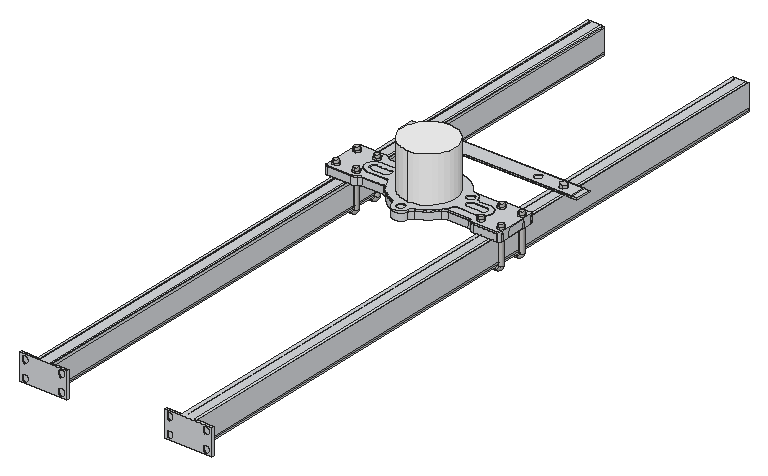
Revit family "Plate_System_Water_Coolers-Zurn_Z1218", category Plumbing Fixtures, host Face, Revit 2022 (continued)
Definition of nested family "Z1218"
  Automatic sketch dimensions
    profile plane to Sweep 11 sketch curve = 0.34569"
    Sweep 11 sketch curve to Sweep 11 sketch curve = 0.29938"  (x2)
    Sweep 11 sketch curve to profile plane = 0.34569"
    profile plane to Sweep 11 sketch curve = 0.17285"  (x2)
    Sweep 11 sketch curve to profile plane = 0.17285"  (x2)
    plane 5 to Sweep 12 sketch curve = 0.96875"
    Sweep 12 sketch curve to profile plane = 0.000"
    profile plane to Sweep 12 sketch curve = 0.34569"
    Sweep 12 sketch curve to Sweep 12 sketch curve = 0.29938"  (x2)
    Sweep 12 sketch curve to profile plane = 0.34569"
    profile plane to Sweep 12 sketch curve = 0.17285"  (x2)
    Sweep 12 sketch curve to profile plane = 0.17285"  (x2)
    plane 11 to Sweep 13 sketch curve = 0.0053"
    Sweep 13 sketch curve to profile plane = 0.000"
    Sweep 13 sketch curve to profile plane = 0.34569"
    Sweep 13 sketch curve to Sweep 13 sketch curve = 0.29938"  (x2)
    profile plane to Sweep 13 sketch curve = 0.34569"
    profile plane to Sweep 13 sketch curve = 0.17285"  (x2)
    Sweep 13 sketch curve to profile plane = 0.17285"  (x2)
    Sweep 14 sketch curve to plane 4 = 0.96875"
    Sweep 14 sketch curve to profile plane = 0.000"
    profile plane to Sweep 14 sketch curve = 0.34569"
    Sweep 14 sketch curve to Sweep 14 sketch curve = 0.29938"  (x2)
    Sweep 14 sketch curve to profile plane = 0.34569"
    profile plane to Sweep 14 sketch curve = 0.17285"  (x2)
    Sweep 14 sketch curve to profile plane = 0.17285"  (x2)
    Sweep 15 sketch curve to plane 4 = 0.96875"
    Sweep 15 sketch curve to profile plane = 0.000"
    Sweep 15 sketch curve to profile plane = 0.34569"
    Sweep 15 sketch curve to Sweep 15 sketch curve = 0.29938"  (x2)
    profile plane to Sweep 15 sketch curve = 0.34569"
    profile plane to Sweep 15 sketch curve = 0.17285"  (x2)
    Sweep 15 sketch curve to profile plane = 0.17285"  (x2)
    plane 4 to Sweep 16 sketch curve = 0.96875"
    Sweep 16 sketch curve to profile plane = 0.000"
    Sweep 16 sketch curve to profile plane = 0.34569"
    Sweep 16 sketch curve to Sweep 16 sketch curve = 0.29938"  (x2)
    profile plane to Sweep 16 sketch curve = 0.34569"
    profile plane to Sweep 16 sketch curve = 0.17285"  (x2)
    Sweep 16 sketch curve to profile plane = 0.17285"  (x2)
    Sweep 17 sketch curve to plane 4 = 0.96875"
    Sweep 17 sketch curve to profile plane = 0.000"
    profile plane to Sweep 17 sketch curve = 0.34569"
    Sweep 17 sketch curve to Sweep 17 sketch curve = 0.29938"  (x2)
    Sweep 17 sketch curve to profile plane = 0.34569"
    profile plane to Sweep 17 sketch curve = 0.17285"  (x2)
    Sweep 17 sketch curve to profile plane = 0.17285"  (x2)
    Sweep 19 sketch curve to plane 3 "Center (Left/Right)" = 0.000"
    Sweep 20 sketch curve to plane 5 = 0.000"
    profile plane to Sweep 20 sketch curve = 2.250"
    Sweep 20 sketch curve to profile plane = 2.250"
    Sweep 21 sketch curve to plane 4 = 0.000"
    profile plane to Sweep 21 sketch curve = 2.250"
    Sweep 21 sketch curve to profile plane = 2.250"
    Sweep 23 sketch curve to plane 4 = 0.000"
    Sweep 24 sketch curve to plane 3 "Center (Left/Right)" = 0.000"
    Sweep 24 sketch curve to Sweep 24 sketch curve = 0.000"  (x9)
    Sweep 24 sketch curve to Sweep 24 sketch curve = 0.09595"
    Sweep 24 sketch curve to Sweep 24 sketch curve = 0.1261"
    Sweep 24 sketch curve to profile plane = 1.0127"  (x2)
    Sweep 24 sketch curve to Sweep 24 sketch curve = 0.17731"
    Sweep 24 sketch curve to Sweep 24 sketch curve = 0.22851"
    Sweep 24 sketch curve to Sweep 24 sketch curve = 0.250"  (x4)
    Sweep 24 sketch curve to Sweep 24 sketch curve = 0.47034"  (x2)
    Sweep 24 sketch curve to Sweep 24 sketch curve = 0.52155"  (x2)
    Sweep 24 sketch curve to Sweep 24 sketch curve = 0.56668"
    Sweep 24 sketch curve to Sweep 24 sketch curve = 0.62082"
    Sweep 24 sketch curve to Sweep 24 sketch curve = 0.07352"
    Sweep 24 sketch curve to Sweep 24 sketch curve = 0.66788"
    Sweep 24 sketch curve to Sweep 24 sketch curve = 0.62231"
    Sweep 24 sketch curve to Sweep 24 sketch curve = 0.27172"
    Sweep 24 sketch curve to Sweep 24 sketch curve = 0.31729"
    Sweep 24 sketch curve to Sweep 24 sketch curve = 0.4402"
    Sweep 24 sketch curve to Sweep 24 sketch curve = 0.57276"
    Sweep 24 sketch curve to Sweep 24 sketch curve = 0.17187"
    Sweep 24 sketch curve to Sweep 24 sketch curve = 0.19137"
    profile plane to Sweep 24 sketch curve = 0.82192"
    Sweep 24 sketch curve to Sweep 24 sketch curve = 1.27036"
    profile plane to Sweep 24 sketch curve = 2.10324"
    Sweep 24 sketch curve to Sweep 24 sketch curve = 1.23533"
    Sweep 24 sketch curve to Sweep 24 sketch curve = 3.07279"
    Sweep 24 sketch curve to Sweep 24 sketch curve = 1.84843"
    Sweep 24 sketch curve to Sweep 24 sketch curve = 2.01985"  (x2)
    Sweep 24 sketch curve to Sweep 24 sketch curve = 0.77167"
    Sweep 24 sketch curve to Sweep 24 sketch curve = 0.8217"
    Sweep 24 sketch curve to Sweep 24 sketch curve = 2.27663"
    Sweep 24 sketch curve to Sweep 24 sketch curve = 1.94411"  (x2)
    Sweep 24 sketch curve to Sweep 24 sketch curve = 0.83861"
    Sweep 24 sketch curve to Sweep 24 sketch curve = 0.8456"
    Sweep 24 sketch curve to Sweep 24 sketch curve = 2.2027"
    plane 5 to Sweep 25 sketch curve = 0.20084"
    Sweep 25 sketch curve to profile plane = 0.54654"
    Sweep 25 sketch curve to Sweep 25 sketch curve = 0.29938"  (x2)
    profile plane to Sweep 25 sketch curve = 0.14485"
    Sweep 25 sketch curve to profile plane = 0.028"  (x2)
    Sweep 25 sketch curve to Sweep 25 sketch curve = 0.17285"
    Sweep 25 sketch curve to Sweep 25 sketch curve = 0.34569"
    Sweep 26 sketch curve to plane 5 = 0.125"
    Sweep 27 sketch curve to plane 4 = 0.20084"
    Sweep 27 sketch curve to plane 6 = 0.68985"
    Sweep 27 sketch curve to Sweep 27 sketch curve = 0.29938"  (x2)
    plane 11 to Sweep 28 sketch curve = 2.0937"
    profile plane to Sweep 28 sketch curve = 4.35305"
    Sweep 28 sketch curve to profile plane = 12.12546"
    plane 12 to Sweep 29 sketch curve = 1.05176"
    Sweep 30 sketch curve to plane 3 "Center (Left/Right)" = 0.35324"
    Sweep 30 sketch curve to Sweep 30 sketch curve = 0.000"  (x13)
    profile plane to Sweep 30 sketch curve = 3.48701"
    Sweep 30 sketch curve to Sweep 30 sketch curve = 0.03048"
    Sweep 30 sketch curve to Sweep 30 sketch curve = 1.08016"
    Sweep 30 sketch curve to Sweep 30 sketch curve = 0.13586"
    Sweep 30 sketch curve to Sweep 30 sketch curve = 0.60754"
    Sweep 30 sketch curve to Sweep 30 sketch curve = 0.81586"
    Sweep 30 sketch curve to Sweep 30 sketch curve = 0.19457"
    Sweep 30 sketch curve to profile plane = 0.46867"
    Sweep 30 sketch curve to Sweep 30 sketch curve = 1.27036"
    Sweep 30 sketch curve to Sweep 30 sketch curve = 0.01629"
    Sweep 30 sketch curve to Sweep 30 sketch curve = 1.23533"
    Sweep 30 sketch curve to Sweep 30 sketch curve = 3.07279"
    Sweep 30 sketch curve to Sweep 30 sketch curve = 0.23772"
    Sweep 30 sketch curve to Sweep 30 sketch curve = 0.07217"
    Sweep 30 sketch curve to Sweep 30 sketch curve = 0.60783"
    Sweep 30 sketch curve to Sweep 30 sketch curve = 0.11136"
    Sweep 30 sketch curve to Sweep 30 sketch curve = 1.2465"
    Sweep 30 sketch curve to Sweep 30 sketch curve = 0.00712"
    Sweep 30 sketch curve to Sweep 30 sketch curve = 0.02525"
    Sweep 30 sketch curve to Sweep 30 sketch curve = 0.03682"
    Sweep 30 sketch curve to Sweep 30 sketch curve = 0.01156"
    Sweep 30 sketch curve to Sweep 30 sketch curve = 0.03501"
    Sweep 30 sketch curve to Sweep 30 sketch curve = 0.250"
    Sweep 30 sketch curve to Sweep 30 sketch curve = 0.32003"
    Sweep 30 sketch curve to Sweep 30 sketch curve = 1.17876"
    Sweep 30 sketch curve to Sweep 30 sketch curve = 1.30668"
    Sweep 30 sketch curve to Sweep 30 sketch curve = 0.45677"  (x2)
    Sweep 30 sketch curve to Sweep 30 sketch curve = 0.3886"
    Sweep 30 sketch curve to Sweep 30 sketch curve = 0.00269"
    Sweep 30 sketch curve to Sweep 30 sketch curve = 0.03359"
    Sweep 30 sketch curve to Sweep 30 sketch curve = 0.30786"
    Sweep 30 sketch curve to Sweep 30 sketch curve = 0.30827"
    Sweep 30 sketch curve to Sweep 30 sketch curve = 0.14062"
    Sweep 30 sketch curve to Sweep 30 sketch curve = 0.16012"
    Sweep 30 sketch curve to Sweep 30 sketch curve = 0.43009"
    Sweep 31 sketch curve to plane 12 = 0.40026"
    profile plane to Sweep 31 sketch curve = 8.77492"
    Sweep 31 sketch curve to profile plane = 7.97439"
    profile plane to Sweep 29 sketch curve = 6.56249"
    plane 1 "Center (Front/Back)" to Sweep 18 sketch curve = 0.000"
    profile plane to Sweep 18 sketch curve = 11.3129"
    Sweep 18 sketch curve to Sweep 18 sketch curve = 4.500"
    curve 2 to curve 2 = 0.3136"
    curve 2 to plane 6 = 0.68985"
    curve 1 to curve 1 = 0.125"
    curve 1 to plane 6 = 0.000"
    curve 3 to plane 6 = 0.000"
    curve 3 to curve 3 = 0.125"
    plane 15 to Sweep 26 sketch curve = 4.30665"
    Sweep 26 sketch curve to profile plane = 1.42089"
    radius of Sweep 5 sketch curve = 0.21875"  (x4)
    radius of Sweep 5 sketch curve = 0.373"  (x3)
    radius of Sweep 6 sketch curve = 0.21875"
    radius of Sweep 7 sketch curve = 0.21875"
    radius of Sweep 8 sketch curve = 0.21875"
    radius of Sweep 9 sketch curve = 0.21875"
    radius of Sweep 10 sketch curve = 0.21875"
    radius of Sweep 11 sketch curve = 0.21875"
    radius of Sweep 12 sketch curve = 0.21875"
    radius of Sweep 13 sketch curve = 0.21875"
    radius of Sweep 14 sketch curve = 0.21875"
    radius of Sweep 15 sketch curve = 0.21875"
    radius of Sweep 16 sketch curve = 0.21875"
    radius of Sweep 17 sketch curve = 0.21875"
    radius of Sweep 30 sketch curve = 0.373"  (x3)
    radius of Sweep 26 sketch curve = 0.373"  (x2)
  Nested families
    nested 1: "Coupling" at (-53.836, 1206.5, 0) x (-1, 0, 0) z (0, 0, 1), type "Coupling"
  Definition of nested family "Coupling"
    Parameters (values of type "Coupling")
      Default Elevation = 48.000"
      Coupling Vertical Adjustment = 5.000"
      Coupling Vertical Dimension = if(Coupling Vertical Adjustment > 6.500", 6.500", if(Coupling Vertical Adjustment < 4.000", 4.000", Coupling Vertical Adjustment))  # 5.000"
      Coupling Radius = Coupling Vertical Adjustment / 2  # 2.500"
      Coupling Horizontal Dimension = 4.375"
      Coupling Horizontal Adjustment = 4.375"
      Coupling Material = none
      Bracket Material = none
      Bolt Material = none
    Reference planes
      plane 1 "Center (Front/Back)": y = 0
      plane 2: z = 0
      plane 3 "Center (Left/Right)": x = 0
      plane 4: z = -111.125
      plane 5: z = -206.375
      plane 6: x = -114.3
      plane 7: x = 114.3
      plane 8: y = 377.825
      plane 9: z = 25.4
      plane 10: z = -193.675
      plane 11: y = 317.5
      plane 12 "Coupling Plane": y = 127
      plane 13: y = 101.6
      plane 14: x = -4.783
      plane 15: y = 152.4
      plane 16: x = 0
      plane 17: z = 0
      plane 18: x = -63.5
      plane 19: x = 63.5
      plane 20: y = 190.5
      plane 21: y = 63.5
    Forms (mm)
      Revolve 1, solid, material <- "Coupling Material", detail levels fine
        sketch origin (0, 127, 0) x (1, 0, 0) y (0, 0, 1)
          loop
            line (-61.174, -111.125) -> (-38.1, -111.125) -> (-38.1, -19.754) -> (-39.839, -19.754) -> (-39.839, -37.975) -> (-42.85, -37.975) -> (-42.85, -95.885) -> (-61.174, -95.885) -> (-61.174, -111.125)
          axis (0, -19.754) -> (0, -111.125)
        angle from 0 to 360
      Sweep 2, solid, material <- "Coupling Material", detail levels fine
        path origin (0, 0, 0) x (1, 0, 0) y (0, 0, 1)
          loop
            line (0, 0) -> (0, -111.125)
        profile origin (0, 0, -55.562) x (0, -1, 0) y (1, 0, 0)
          loop
            circle (-127, 0) r 63.5
    Lines and regions (mm)
      symbolic lines
        curve 1: line (-42.8, 0, -37.975) -> (42.8, 0, -37.975)
    Dimensions and locks
      locked: plane 5 to plane 4 at 95.25
      "Coupling Horizontal Dimension": level to plane 4
      equal spacing: plane 6, plane 3 "Center (Left/Right)", plane 7
      locked: plane 6 to plane 7 at 228.6
      locked: plane 1 "Center (Front/Back)" to plane 8 at 377.825
      locked: plane 9 to plane 2 at 25.4
      locked: plane 10 to plane 5 at 12.7
      "Coupling Vertical Dimension": plane 12 "Coupling Plane" to plane 1 "Center (Front/Back)"
      locked: plane 11 to plane 12 "Coupling Plane" at 190.5
      Sweep 2 sketch curve to level = 0.000"
      Revolve 1 to Revolve 1 to Revolve 1 to Revolve 1 = 0.000" locked, 0.71735" locked, 0.000" locked
      Revolve 1 to Revolve 1 to plane 4 = 0.000" locked, 0.59999" locked
      locked: Revolve 1 to Revolve 1 at 18.221
      "Coupling Vertical Adjustment": plane 18 to plane 19
      equal spacing: plane 18, plane 3 "Center (Left/Right)", plane 19
      "Coupling Radius": plane 20 to plane 12 "Coupling Plane"
      "Coupling Radius": plane 12 "Coupling Plane" to plane 21
      diameter of Sweep 2 sketch curve = 5.000"
      aligned and locked: level to plane 2
      aligned and locked: Revolve 1 sketch curve to plane 16
      aligned and locked: plane 4 to Sweep 2 sketch curve
    Automatic sketch dimensions
      Sweep 2 sketch curve to profile plane = 0.000"
      Sweep 2 sketch curve to plane 1 "Center (Front/Back)" = 5.000"
      Revolve 1 sketch curve to plane 3 "Center (Left/Right)" = 1.500"
      Revolve 1 sketch curve to Revolve 1 sketch curve = 0.06845"
      Revolve 1 sketch curve to Revolve 1 sketch curve = 0.72142"
      Revolve 1 sketch curve to level = 1.49506"
      Revolve 1 sketch curve to Revolve 1 sketch curve = 0.71735"
      plane 10 to Revolve 1 sketch curve = 0.87501"
      Revolve 1 sketch curve to Revolve 1 sketch curve = 0.31228"
      Revolve 1 sketch curve to plane 4 = 0.000"
      Revolve 1 sketch curve to Revolve 1 sketch curve = 0.18701"
      Revolve 1 sketch curve to Revolve 1 sketch curve = 0.59999"
      Sweep 2 sketch curve to plane 3 "Center (Left/Right)" = 0.000"
      curve 1 to plane 3 "Center (Left/Right)" = 1.68503"
      curve 1 to level = 1.49506"
      plane 3 "Center (Left/Right)" to curve 1 = 1.68503"
Types (2): name | Outlet Nominal Diameter | Outlet Nominal Radius | Hanger Vertical Adjustment | Model | Coupling Radius | Coupling Diameter
  Z1218-3 | 3.000" | 1.500" | 45.000" | "Z1218-3" | 2.500" | 5.000"
  Z1218-4 | 4.000" | 2.000" | 50.000" | "Z1218-4" | 0.000" | 0.000"
